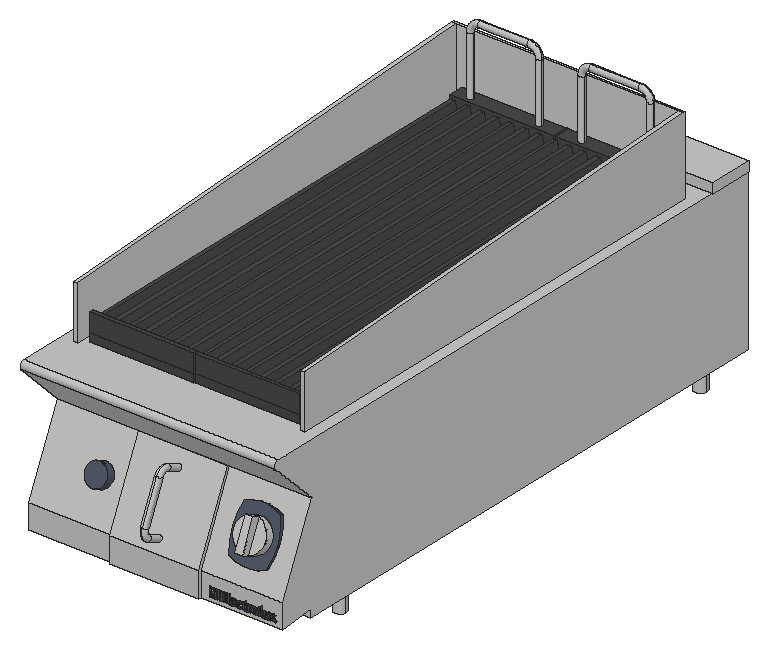
Revit family "QF_ELECTROLUXPROFESSIONAL_391186_E9GRTDGC0P", category Specialty Equipment, Revit 2018 (continued)
Nested families
  nested 11: "391186_QF_Electrolux_GRILL" at (262.223, -130.285, 287.7), type "391186_QF_Electrolux_GRILL"
    with Type Mark "", Specification by User "", Revision Code "", Item Number "", Installed By "", Identify Quantity as Lot yes, Furnished By "", Foodservice Equipment Identifier yes
  nested 12: "391186_QF_Electrolux_GRILL" at (285.067, -130.285, 287.7), type "391186_QF_Electrolux_GRILL"
    with Type Mark "", Specification by User "", Revision Code "", Item Number "", Installed By "", Identify Quantity as Lot yes, Furnished By "", Foodservice Equipment Identifier yes
  nested 13: "391186_QF_Electrolux_GRILL" at (307.91, -130.285, 287.7), type "391186_QF_Electrolux_GRILL"
    with Type Mark "", Specification by User "", Revision Code "", Item Number "", Installed By "", Identify Quantity as Lot yes, Furnished By "", Foodservice Equipment Identifier yes
  nested 14: "391186_QF_Electrolux_GRILL" at (330.754, -130.285, 287.7), type "391186_QF_Electrolux_GRILL"
    with Type Mark "", Specification by User "", Revision Code "", Item Number "", Installed By "", Identify Quantity as Lot yes, Furnished By "", Foodservice Equipment Identifier yes
  nested 15: "391186_QF_Electrolux_GRILL" at (353.598, -130.285, 287.7), type "391186_QF_Electrolux_GRILL"
    with Type Mark "", Specification by User "", Revision Code "", Item Number "", Installed By "", Identify Quantity as Lot yes, Furnished By "", Foodservice Equipment Identifier yes
Connectors
  piping at (347.613, -50.8, 53.975), diameter 19
    settings: on Extrusion 23, index 1, connector inside diameter 0.74803", connector length 0 mm, flow factor 0, pipe flow 0 GPM, pressure drop 0.00 psi, fitting loss kfactor 0, connector angle 0.00°, fixture units 0, engagement length 0 mm, angle of deflection 0.00°, flow configuration 1, flow direction 1, fitting loss method 0, system type 7, joint type 0, gender type 0, connector reference index -1, connector utility 0, adjustable connector no, is connector primary yes, connector description "GAS CONNECTION"
  piping at (347.9, -663, 15), diameter 19
    settings: on Extrusion 13, index 2, connector inside diameter 0.74803", connector length 0 mm, flow factor 0, pipe flow 0 GPM, pressure drop 0.00 psi, fitting loss kfactor 0, connector angle 0.00°, fixture units 0, engagement length 0 mm, angle of deflection 0.00°, flow configuration 1, flow direction 1, fitting loss method 0, system type 7, joint type 0, gender type 0, connector reference index -1, connector utility 0, adjustable connector no, is connector primary no, connector description "GAS CONNECTION"
Definition of nested family "391186_QF_Electrolux_GRILL"
  Parameters
    Weight in Pounds = 0
    URL Cutsheet = ""
    URL = ""
    Type Mark [instance] = ""
    Specification by User [instance] = ""
    Specification by Manufacturer = ""
    Serial Number = ""
    Seismic Rating = ""
    SMACNA No = ""
    Revision Code [instance] = ""
    Omniclass Number and Title = ""
    NAFEM Spec ID Number = ""
    Model = ""
    Masterspec = ""
    Manufacturer = ""
    Item Number [instance] = ""
    Installed By [instance] = ""
    Identify Quantity as Lot [instance] = yes
    Furnished By [instance] = ""
    Foodservice Equipment Identifier [instance] = yes
    Description = ""
    CSI MasterFormat = ""
    CSI Master Format = ""
    Assembly Code = ""
  Reference planes
    plane 1 "BACK": y = 0
    plane 2: z = 0
    plane 3 "LEFT": x = 0
    plane 4 "RIGHT": x = 12.7
    plane 5 "FRONT": y = -701.7
    plane 6 "TOP": z = 19.576
    plane 7 "Center Y": x = 6.35
    plane 8 "Center X": y = -350.85
    plane 9: y = -147.637
  Forms (mm)
    Extrusion 1, solid
      sketch origin (-1.421, -501.68, -12.7) x (1, 0, 0) y (0, 0, 1)
        loop
          line (1.421, 12.7) -> (14.121, 12.7) -> (11.081, 32.276) -> (4.46, 32.276) -> (1.421, 12.7)
      from 200.02 to -501.68
  Lines and regions (mm)
    symbolic lines
      curve 1: line (0, 0, 0) -> (12.7, 0, 0)
      curve 2: line (0, -701.7, 0) -> (0, 0, 0)
      curve 3: line (12.7, -701.7, 0) -> (0, -701.7, 0)
      curve 4: line (12.7, 0, 0) -> (12.7, -701.7, 0)
  Dimensions and locks
    equal spacing: plane 3 "LEFT", plane 7 "Center Y", plane 4 "RIGHT"
    plane 3 "LEFT" to plane 4 "RIGHT" = 12.7 mm
    equal spacing: plane 5 "FRONT", plane 8 "Center X", plane 1 "BACK"
    plane 5 "FRONT" to plane 1 "BACK" = 701.7 mm
    plane 6 "TOP" to level = 19.576 mm
    plane 1 "BACK" to plane 5 "FRONT" = 701.7 mm
    aligned and locked: level to plane 2
  Automatic sketch dimensions
    Extrusion 1 sketch curve to level = 0 mm
    Extrusion 1 sketch curve to plane 3 "LEFT" = 0 mm
    Extrusion 1 sketch curve to plane 6 "TOP" = 0 mm
    Extrusion 1 sketch curve to plane 4 "RIGHT" = 0 mm
    plane 3 "LEFT" to Extrusion 1 sketch curve = 3.039 mm
    Extrusion 1 sketch curve to plane 4 "RIGHT" = 3.039 mm
    curve 3 to plane 3 "LEFT" = 0 mm
    curve 3 to plane 4 "RIGHT" = 0 mm
    plane 5 "FRONT" to curve 3 = 0 mm
    plane 1 "BACK" to curve 2 = 0 mm
